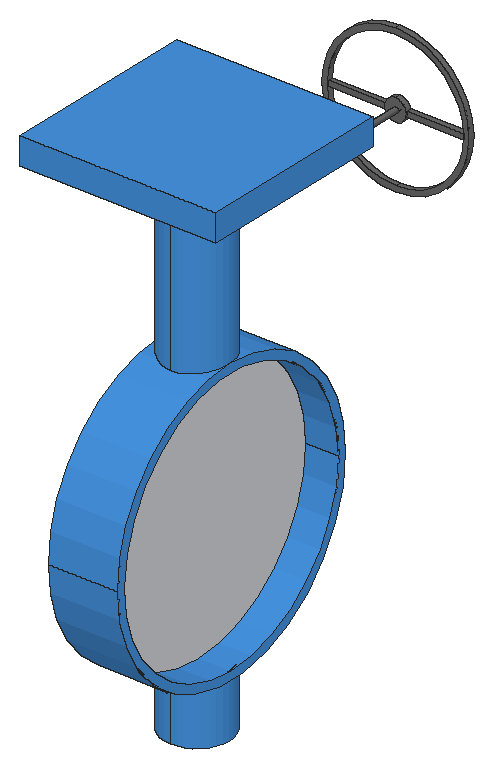
Revit family "Алсель_Затвор_Дисковый_Механический_Редуктор", category Арматура трубопроводов, Revit 2016
Family settings
  Тип детали = Вставляется
  Размер круглого соединителя = Использовать диаметр
  На основе рабочей плоскости = Нет
  Всегда вертикально = Да
  При загрузке вырезать с полостями = Нет
  Общий = Нет
Parameters (values of type "Затвор "бабочка" дисковый хромированный чугунный DN 500")
  УшиШирина = 40.0 mm
  УшиВысота = 70.0 mm
  УголАльфа = 18.00°
  СтенкаРучки = 10.0 mm
  Скругление ушей = 10.0 mm
  С_ушей = 120.0 mm
  С_Ширина = 127.0 mm
  Рукоятка толщина = 15.8 mm
  РазмерРедуктора = 180.0 mm
  Открытое_Положение = no
  Закрытое_Положение = yes
  Давление = 16.0 Pa  # constant formula
  R4_РучкиВнутренний = D4_ВнутреннийДиаметрРукоятки / 2  # 125.0 mm
  R1 = D1_ДиаметрДиска / 2  # 245.8 mm
  H_кв = 9.0 mm
  F_СдвигКолеса = 165.0 mm
  E_СдвигРучки = 260.0 mm
  D4_НаружнийДиаметрРукоятка = 270.0 mm
  D4_ВнутреннийДиаметрРукоятки = D4_НаружнийДиаметрРукоятка - 20.0 mm  # 250.0 mm
  DY = 500.0 mm
  DN = 500.0 mm
  D3_ОтверстияПроушин = 34.0 mm
  D2_ДиметрНаружний = 650.0 mm
  D1_Наружний = D1_ДиаметрДиска + 30.0 mm  # 521.6 mm
  D1_ДиаметрДиска = 491.6 mm
  B_НижняяПривязка = 361.0 mm
  A_ВерхняяПривязка = 603.0 mm
  ADSK_Страна производства = "AHLSELL_Запорная арматура – Россия, Китай"  # constant formula
  ADSK_Примечание = "Механический редуктор"  # constant formula
  ADSK_Обозначение = ""
  ADSK_Наименование = "Затвор \"бабочка\" дисковый хромированный чугунный DN 500"
  ADSK_Масса_Текст = "202"
  ADSK_Код изделия = "AHLBV500"
  ADSK_Завод-изготовитель = "Алсель"  # constant formula
  ADSK_Единица измерения = "шт."  # constant formula
  ADSK_URL страницы изделия = "http://www.ahlsell.ru/"
Types (8, lengths in mm): name | УголАльфа | С_ушей | С_Ширина | РазмерРедуктора | R4_РучкиВнутренний | R1 | F_СдвигКолеса | E_СдвигРучки | D4_НаружнийДиаметрРукоятка | D4_ВнутреннийДиаметрРукоятки | DY | DN | D3_ОтверстияПроушин | D2_ДиметрНаружний | D1_Наружний | D1_ДиаметрДиска | B_НижняяПривязка | A_ВерхняяПривязка | ADSK_Наименование | ADSK_Масса_Текст | ADSK_Код изделия
  (no name) | 18.00° | 120.0 | 127.0 | 180.0 | 125.0 | 245.8 | 165.0 | 260.0 | 270.0 | 250.0 | 500.0 | 500.0 | 34.0 | 650.0 | 521.6 | 491.6 | 361.0 | 603.0 | "Затвор \"бабочка\" дисковый хромированный чугунный DN 500" | "202" | "AHLBV500"
  Затвор "бабочка" дисковый хромированный чугунный DN 200 | 30.00° | 50.0 | 60.0 | 80.0 | 125.0 | 101.25 | 63.0 | 206.0 | 270.0 | 250.0 | 200.0 | 200.0 | 23.0 | 295.0 | 232.5 | 202.5 | 177.0 | 268.0 | "Затвор \"бабочка\" дисковый хромированный чугунный DN 200" | "" | "AHLBV200R"
  Затвор "бабочка" дисковый хромированный чугунный DN 250 | 30.00° | 55.0 | 68.0 | 80.0 | 125.0 | 125.2 | 63.0 | 206.0 | 270.0 | 250.0 | 250.0 | 250.0 | 28.0 | 355.0 | 280.4 | 250.4 | 210.0 | 312.0 | "Затвор \"бабочка\" дисковый хромированный чугунный DN 250" | "26.8" | "AHLBV250"
  Затвор "бабочка" дисковый хромированный чугунный DN 300 | 30.00° | 65.0 | 78.0 | 90.0 | 125.0 | 150.8 | 75.0 | 206.0 | 270.0 | 250.0 | 300.0 | 300.0 | 28.0 | 410.0 | 331.6 | 301.6 | 242.0 | 339.0 | "Затвор \"бабочка\" дисковый хромированный чугунный DN 300" | "40" | "AHLBV300"
  Затвор "бабочка" дисковый хромированный чугунный DN 350 | 22.50° | 65.0 | 78.0 | 90.0 | 125.0 | 166.75 | 75.0 | 206.0 | 270.0 | 250.0 | 350.0 | 350.0 | 28.0 | 470.0 | 363.5 | 333.5 | 267.0 | 407.0 | "Затвор \"бабочка\" дисковый хромированный чугунный DN 350" | "56" | "AHLBV350"
  Затвор "бабочка" дисковый хромированный чугунный DN 400 | 22.50° | 95.0 | 102.0 | 130.0 | 182.5 | 194.85 | 115.0 | 250.0 | 385.0 | 365.0 | 400.0 | 400.0 | 31.0 | 525.0 | 419.7 | 389.7 | 309.0 | 455.0 | "Затвор \"бабочка\" дисковый хромированный чугунный DN 400" | "96" | "AHLBV400"
  Затвор "бабочка" дисковый хромированный чугунный DN 450 | 22.50° | 100.0 | 114.0 | 130.0 | 182.5 | 220.25 | 115.0 | 250.0 | 385.0 | 365.0 | 450.0 | 450.0 | 31.0 | 585.0 | 470.5 | 440.5 | 328.0 | 477.0 | "Затвор \"бабочка\" дисковый хромированный чугунный DN 450" | "122" | "AHLBV450"
  Затвор "бабочка" дисковый хромированный чугунный DN 500 | 18.00° | 120.0 | 127.0 | 180.0 | 125.0 | 245.8 | 165.0 | 260.0 | 270.0 | 250.0 | 500.0 | 500.0 | 34.0 | 650.0 | 521.6 | 491.6 | 361.0 | 603.0 | "Затвор \"бабочка\" дисковый хромированный чугунный DN 500" | "202" | "AHLBV500"
Reference planes
  plane 1 "По центру (Вперед/Назад)": y = 0
  plane 2: z = 0
  plane 3 "По центру (Влево/Вправо)": x = 0
  plane 4 "старт": x = -63.5
  plane 5 "финиш": x = 63.5
  plane 6 "шляпка": z = 603
  plane 7 "нижний элемент": z = -361
  plane 8: z = 245.8
  plane 9: z = -245.8
  plane 10: z = 315.8
  plane 11: z = -315.8
  plane 12: y = 20
  plane 13: y = -20
  plane 14: x = -60
  plane 15: x = 60
  plane 16: through (0, 0, 1200) normal (-0.7071, 0.7071, 0)
  plane 17: through (0, 0, 1200) normal (-0.7071, -0.7071, 0)
  plane 18: y = 36.062
  plane 19: x = -36.062
  plane 20: x = 36.062
  plane 21: y = -36.062
  plane 22 "колесо": y = 260
  plane 23: y = 10
  plane 24: y = -10
  plane 25: z = -127.739
  plane 26: through (0, 0, 0) normal (0, -0.866, -0.5)
  plane 27: through (0, 0, 0) normal (0, -0.866, 0.5)
  plane 28: x = 165
  plane 29: y = 180
  plane 30: y = -180
  plane 31: z = 728
  plane 32: z = 478
  plane 33: x = 290
  plane 34: x = 40
  plane 35: y = 250
  plane 36: z = 608
  plane 37: z = 598
  plane 38: x = -180
  plane 39: x = 180
Forms (mm)
  Extrusion 1, solid, material "RAL 5017"
    sketch origin (-63.5, 0, 0) x (0, 1, 0) y (0, 0, 1)
      loop
        circle (0, 0) r 245.8
      loop
        circle (0, 0) r 260.8
    from 0 to 127 <- "С_Ширина"
  Extrusion 2, solid, material "RAL 5017"
    sketch origin (10, 3.938, 603) x (0, 1, 0) y (-1, 0, 0)
      loop
        line (176.062, 190) -> (-183.938, 190) -> (-183.938, -170) -> (176.062, -170) -> (176.062, 190)
    from -25 to 25
  Extrusion 3, void, not visible
    sketch origin (17.678, -2.286, 124) x (0.707107, -0.707107, 0) y (0.707107, 0.707107, 0)
      loop
        circle (10.883, -10.883) r 6
    from -10 to 0
  Extrusion 4, void, not visible
    sketch origin (17.678, -2.286, 124) x (0.707107, -0.707107, 0) y (0.707107, 0.707107, 0)
      loop
        circle (10.883, -10.883) r 6
    from -10 to 0
  Extrusion 5, solid
    sketch origin (0, 0, 603) x (0, 1, 0) y (-1, 0, 0)
      loop
        line (4.5, 4.5) -> (-4.5, 4.5) -> (-4.5, -4.5) -> (4.5, -4.5) -> (4.5, 4.5)
    from 0 to -357.2
  Extrusion 6, solid, material "RAL 5017"
    sketch origin (0, 19.423, -361) x (0, 1, 0) y (-1, 0, 0)
      loop
        circle (-19.423, 0) r 60
    from 0 to 115.2
  Extrusion 7, solid, material "RAL 5017"
    sketch origin (0, 28.755, 245.8) x (0, 1, 0) y (-1, 0, 0)
      loop
        circle (-28.755, 0) r 60
    from 0 to 357.2
  Extrusion 8, solid
    sketch origin (0, 0, 0) x (0, -1, 0) y (0, 0, 1)
      loop
        circle (0, 0) r 250
    from 2 to -2
  Extrusion 9, solid, visible <- "Открытое_Положение"
    sketch origin (0, 0, 0) x (1, 0, 0) y (0, 0, 1)
      loop
        circle (0, 0) r 250
    from 2 to -2
  Extrusion 10, solid, material "Black"
    sketch origin (0, 260, 0) x (0, 0, 1) y (-1, 0, 0)
      loop
        circle (603, -165) r 5
    from 0 to 80
  Extrusion 11, solid, material "Black"
    sketch origin (0, 260, 0) x (0, 0, 1) y (-1, 0, 0)
      loop
        circle (603, -165) r 135
      loop
        circle (603, -165) r 125
    from 0 to 10
  Extrusion 12, solid, material "Black"
    sketch origin (0, 260, 0) x (0, 0, 1) y (-1, 0, 0)
      loop
        circle (602.86, -165) r 20
    from 0 to 10
  Extrusion 13, solid, material "Black"
    sketch origin (0, 260, 0) x (0, 0, 1) y (-1, 0, 0)
      loop
        line (608, -40) -> (598, -40) -> (598, -290) -> (608, -290) -> (608, -40)
    from 0 to 10
Lines and regions (mm)
  reference lines, not visible
    curve 1: line (15.203, -15.203, 124) -> (20.153, -20.153, 124)
    curve 2: line (15.203, -20.153, 124) -> (20.153, -15.203, 124)
  symbolic lines, style "PipeAccessory", not visible, detail levels fine
    curve 3: circle (-63.5, 0, 0) r 325 normal (1, 0, 0)
Dimensions and locks
  equal spacing: plane 4 "старт", plane 3 "По центру (Влево/Вправо)", plane 5 "финиш"
  "С_Ширина": plane 4 "старт" to plane 5 "финиш"
  "A_ВерхняяПривязка": plane 6 "шляпка" to plane 2
  "B_НижняяПривязка": plane 7 "нижний элемент" to plane 2
  equal spacing: plane 8, level, plane 9
  "D1_ДиаметрДиска": plane 8 to plane 9
  "УшиВысота": plane 11 to plane 9
  "УшиВысота": plane 10 to plane 8
  equal spacing: plane 12, plane 1 "По центру (Вперед/Назад)", plane 13
  "УшиШирина": plane 12 to plane 13
  equal spacing: plane 15, plane 3 "По центру (Влево/Вправо)", plane 14
  "С_ушей": plane 15 to plane 14
  equal spacing: plane 18, plane 1 "По центру (Вперед/Назад)", plane 21
  equal spacing: plane 19, plane 3 "По центру (Влево/Вправо)", plane 20
  plane 21 to plane 18 = 72.125 mm
  plane 19 to plane 20 = 72.125 mm
  equal spacing: Extrusion 5 sketch curve, plane 1 "По центру (Вперед/Назад)", Extrusion 5 sketch curve
  equal spacing: Extrusion 5 sketch curve, plane 3 "По центру (Влево/Вправо)", Extrusion 5 sketch curve
  "H_кв": Extrusion 5 sketch curve to Extrusion 5 sketch curve  (x2)
  "E_СдвигРучки": plane 22 "колесо" to plane 1 "По центру (Вперед/Назад)"
  equal spacing: plane 23, plane 1 "По центру (Вперед/Назад)", plane 24
  "F_СдвигКолеса": plane 3 "По центру (Влево/Вправо)" to plane 28
  equal spacing: plane 29, plane 1 "По центру (Вперед/Назад)", plane 30
  "РазмерРедуктора": plane 29 to plane 1 "По центру (Вперед/Назад)"
  equal spacing: plane 33, plane 28, plane 34
  equal spacing: plane 31, plane 6 "шляпка", plane 32
  "D4_ВнутреннийДиаметрРукоятки": plane 31 to plane 32
  "D4_ВнутреннийДиаметрРукоятки": plane 33 to plane 34
  locked: plane 22 "колесо" to plane 35 at 10
  equal spacing: plane 36, plane 6 "шляпка", plane 37
  "СтенкаРучки": plane 36 to plane 37
  equal spacing: plane 38, plane 3 "По центру (Влево/Вправо)", plane 39
  "РазмерРедуктора": plane 38 to plane 3 "По центру (Влево/Вправо)"
  "D1_ДиаметрДиска": diameter of Extrusion 1 sketch curve
  "D1_Наружний": diameter of Extrusion 1 sketch curve
  diameter of Extrusion 3 sketch curve = 12.0 mm
  diameter of Extrusion 4 sketch curve = 12.0 mm
  "С_ушей": diameter of Extrusion 6 sketch curve
  "С_ушей": diameter of Extrusion 7 sketch curve
  "DY": diameter of Extrusion 8 sketch curve
  "DY": diameter of Extrusion 9 sketch curve
  "D2_ДиметрНаружний": diameter of curve 3
  "D4_НаружнийДиаметрРукоятка": diameter of Extrusion 11 sketch curve
  "D4_ВнутреннийДиаметрРукоятки": diameter of Extrusion 11 sketch curve
  "УшиШирина": diameter of Extrusion 12 sketch curve
  angle plane 1 "По центру (Вперед/Назад)" to plane 16 to plane 3 "По центру (Влево/Вправо)" = 45.00° locked, 45.00° locked
  locked: plane 1 "По центру (Вперед/Назад)" to plane 27 (angle 30.00°)
  locked: plane 26 to plane 1 "По центру (Вперед/Назад)" (angle 30.00°)
  aligned and locked: level to plane 2
  aligned and locked: Extrusion 5 to plane 8
  aligned and locked: Extrusion 6 to plane 9
  aligned and locked: plane 6 "шляпка" to Extrusion 7
  aligned and locked: Extrusion 2 to plane 29
  aligned and locked: plane 30 to Extrusion 2
  aligned and locked: Extrusion 10 to Extrusion 2
  aligned and locked: Extrusion 2 to plane 38
  aligned and locked: plane 39 to Extrusion 2
  aligned and locked: plane 35 to Extrusion 11
  aligned and locked: Extrusion 11 to plane 22 "колесо"
  aligned and locked: Extrusion 13 sketch curve to plane 36
  aligned and locked: Extrusion 13 sketch curve to plane 37
  aligned and locked: Extrusion 13 sketch curve to plane 33
  aligned and locked: plane 34 to Extrusion 13 sketch curve
Automatic sketch dimensions
  curve 2 to curve 1 = 0.0 mm  (x2)
  curve 1 to curve 2 = 4.95 mm  (x2)
  curve 2 to curve 1 = 4.95 mm
  curve 1 to curve 2 = 0.0 mm
  Extrusion 2 sketch curve to plane 16 = 0.0 mm
  plane 17 to Extrusion 2 sketch curve = 0.0 mm
  Extrusion 2 sketch curve to plane 20 = 143.938 mm
  Extrusion 2 sketch curve to plane 19 = 143.938 mm
  Extrusion 10 sketch curve to plane 6 "шляпка" = 0.0 mm
  Extrusion 10 sketch curve to plane 28 = 0.0 mm
  Extrusion 1 sketch curve to Extrusion 1 sketch curve = 0.0 mm  (x2)
  Extrusion 1 sketch curve to level = 0.0 mm
  Extrusion 1 sketch curve to plane 1 "По центру (Вперед/Назад)" = 0.0 mm
  plane 1 "По центру (Вперед/Назад)" to Extrusion 6 sketch curve = 0.0 mm
  Extrusion 6 sketch curve to plane 3 "По центру (Влево/Вправо)" = 0.0 mm
  plane 1 "По центру (Вперед/Назад)" to Extrusion 7 sketch curve = 0.0 mm
  Extrusion 7 sketch curve to plane 3 "По центру (Влево/Вправо)" = 0.0 mm
  Extrusion 8 sketch curve to level = 0.0 mm
  Extrusion 8 sketch curve to plane 1 "По центру (Вперед/Назад)" = 0.0 mm
  Extrusion 9 sketch curve to level = 0.0 mm
  plane 3 "По центру (Влево/Вправо)" to Extrusion 9 sketch curve = 0.0 mm
  curve 3 to level = 0.0 mm
  curve 3 to plane 1 "По центру (Вперед/Назад)" = 0.0 mm
  Extrusion 11 sketch curve to Extrusion 11 sketch curve = 0.0 mm  (x2)
  Extrusion 11 sketch curve to plane 6 "шляпка" = 0.0 mm
  Extrusion 11 sketch curve to plane 28 = 0.0 mm
  Extrusion 12 sketch curve to plane 28 = 0.0 mm
  Extrusion 12 sketch curve to plane 6 "шляпка" = 0.14 mm
  radius of Extrusion 10 sketch curve = 5.0 mm
Connectors
  piping at (-63.5, 0, 0), diameter 500, driven by "DY"
    settings: on Extrusion 1, index 1, connector inside diameter 609.6 mm, connector length 0.0 mm, flow factor 0, pipe flow 0.0 L/s, pressure drop 0.0 Pa, fitting loss kfactor 0, connector angle 0.00°, fixture units 0, engagement length 0.0 mm, angle of deflection 0.00°, flow configuration 0, flow direction 0, fitting loss method 0, system type 29, joint type 0, gender type 0, connector reference index 2, connector utility 0, adjustable connector no, is connector primary yes, connector description ""
  piping at (63.5, 0, 0), diameter 500, driven by "DY"
    settings: on Extrusion 1, index 2, connector inside diameter 609.6 mm, connector length 0.0 mm, flow factor 0, pipe flow 0.0 L/s, pressure drop 0.0 Pa, fitting loss kfactor 0, connector angle 0.00°, fixture units 0, engagement length 0.0 mm, angle of deflection 0.00°, flow configuration 0, flow direction 0, fitting loss method 0, system type 29, joint type 0, gender type 0, connector reference index 1, connector utility 0, adjustable connector no, is connector primary no, connector description ""
